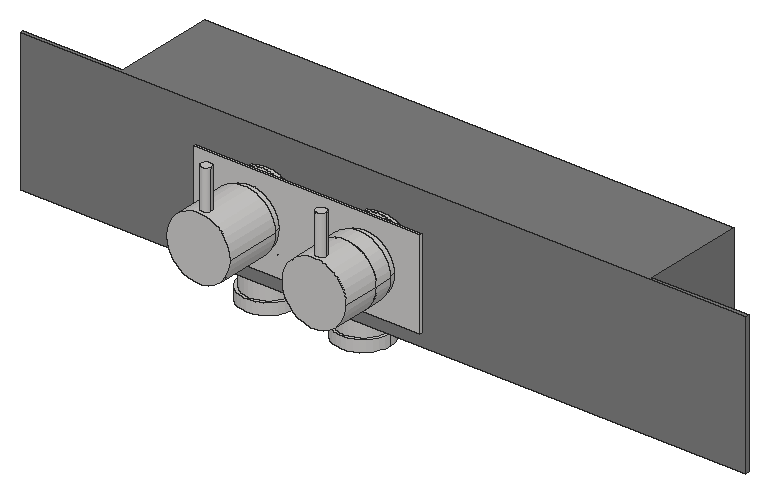
Revit family "5202", category Plumbing Fixtures, Revit 2021
Family settings
  Round Connector Dimension = Use Diameter
  Part Type = Normal
  Work Plane-Based = No
  Always vertical = Yes
  Cut with Voids When Loaded = No
  Shared = No
  Room Calculation Point = No
Parameters
  e-mail = "info@vola.com"
  URL = "http://vola.com"
  Telephone = "+45 7023 5500"
  Quality management standard = "ISO 9001"
  Organisation no. / DUNS no. = "17531328"
  Occupational health and safety management standard = "ISO 18001"
  Mounting Instructions = "http://vola.com/service/producturl.ashx?name=5202"
  Model = "5202"
  Mixer Offset [instance] = 12.00 mm
  Mixer = yes
  Materials and components information = "http://vola.com/service/producturl.ashx?name=5202"
  Manufacturer = "VOLA A/S"
  Maintenance Instructions = "http://vola.com/service/producturl.ashx?name=5202"
  Guarantee = "2 years"
  Flow = "45,00 l/min"
  Environmental management standard = "ISO 14000"
  Default Elevation = 0.00 mm
  Connection - All relevant connections = "¾\" for water connection"
  Approvals = "http://vola.com/service/producturl.ashx?name=5202"
Reference planes
  plane 1 "Center (Front/Back)": y = 0
  plane 2: z = 0
  plane 3 "Center (Left/Right)": x = 0
  plane 4 "Mixer plane": y = 12
  plane 5 "Wall Surface": y = 0
Forms (mm)
  Extrusion 1, solid, material "Stainless Steel", visible <- "Mixer"
    sketch origin (14.11, 9.5, 0) x (0, 0, -1) y (1, 0, 0)
      loop
        circle (0, 24.89) r 24.89
    from 0 to 9.5
  Extrusion 2, solid, material "Stainless Steel", visible <- "Mixer"
    sketch origin (-63.89, 9.5, 0) x (0, 0, -1) y (1, 0, 0)
      loop
        circle (0, 24.89) r 24.89
    from 0 to 9.5
Dimensions and locks
  "Mixer Offset": plane 4 "Mixer plane" to plane 1 "Center (Front/Back)"
  aligned and locked: plane 2 to level
  aligned and locked: nested 3 to plane 4 "Mixer plane"
  aligned and locked: plane 1 "Center (Front/Back)" to Extrusion 1
  aligned and locked: plane 1 "Center (Front/Back)" to Extrusion 2
Automatic sketch dimensions
  radius of Extrusion 1 sketch curve to nested 3 = 0.00 mm
  radius of Extrusion 2 sketch curve to nested 3 = 0.00 mm
Nested families
  nested 1: "NR52" at (39, -2, 0), type "NR52"
  nested 2: "NR51" at (-39, -2, 0), type "NR51"
  nested 3: "5200V" at (0, 83.5, -85), visible <- "Mixer", type "5200V"
  nested 4: "5002" at (0, 0, 0) x (1, 0, 0) z (0, -1, 0), type "5002"
Connectors
  piping at (-7, 54.5, -85), diameter 37
    settings: on nested 3, index 1, connector inside diameter 1.45669", connector length 0.00 mm, flow factor 0, pipe flow 0 GPM, pressure drop 0.00 psi, fitting loss kfactor 0, connector angle 0.00°, fixture units 0, engagement length 0.00 mm, angle of deflection 0.00°, flow configuration 0, flow direction 1, fitting loss method 0, system type 20, joint type 0, gender type 0, connector reference index -1, connector utility 0, adjustable connector no, is connector primary yes, connector description ""
  piping at (-71, 54.5, -85), diameter 37
    settings: on nested 3, index 2, connector inside diameter 1.45669", connector length 0.00 mm, flow factor 0, pipe flow 0 GPM, pressure drop 0.00 psi, fitting loss kfactor 0, connector angle 0.00°, fixture units 0, engagement length 0.00 mm, angle of deflection 0.00°, flow configuration 0, flow direction 1, fitting loss method 0, system type 19, joint type 0, gender type 0, connector reference index -1, connector utility 0, adjustable connector no, is connector primary no, connector description ""
Definition of nested family "NR52"
  Parameters
    e-mail = "info@vola.com"
    URL = "http://vola.com"
    Telephone = "+45 7023 5500"
    Quality management standard = "ISO 9001"
    Organisation no. / DUNS no. = "17531328"
    Occupational health and safety management standard = "ISO 18001"
    Mounting Instructions = "http://vola.com/service/producturl.ashx?name=NR52"
    Model = "NR52"
    Materials and components information = "http://vola.com/service/producturl.ashx?name=NR52"
    Manufacturer = "VOLA A/S"
    Maintenance Instructions = "http://vola.com/service/producturl.ashx?name=NR52"
    Guarantee = "2 years"
    Environmental management standard = "ISO 14000"
    Default Elevation = 0.00 mm
    Connection - All relevant connections = ""
    Approvals = "http://vola.com/service/producturl.ashx?name=NR52"
  Reference planes
    plane 1 "Center (Front/Back)": y = 0
    plane 2: z = 0
    plane 3 "Center (Left/Right)": x = 0
  Forms (mm)
    Extrusion 1, solid
      sketch origin (0, 0, 0) x (1, 0, 0) y (0, 0, 1)
        loop
          circle (0, 0) r 20
      from 0 to 5
    Extrusion 2, solid
      sketch origin (0, 0, 0) x (1, 0, 0) y (0, 0, 1)
        loop
          circle (0, 0) r 21.5
      from 17 to 42.5
    Extrusion 3, solid
      sketch origin (0, -2, 0) x (0, -1, 0) y (1, 0, 0)
        loop
          circle (34.5, 0) r 3.5
      from 0 to 47.5
    Extrusion 4, solid
      sketch origin (0, 10.75, -47.4) x (0, -1, 0) y (1, 0, 0)
        loop
          circle (34.5, 0) r 3.5
      from 22.5 to 47.4
    Extrusion 5, solid
      sketch origin (0, 11.93, 0) x (1, 0, 0) y (0, 0, 1)
        loop
          circle (0, 0) r 21.5
      from 16.93 to 28.93
  Cuts and joins
    joined: Extrusion 2, Extrusion 3, Extrusion 4
  Dimensions and locks
    aligned and locked: plane 2 to level
    aligned and locked: Extrusion 2 to Extrusion 5
    aligned and locked: Extrusion 1 to Extrusion 5
Definition of nested family "NR51"
  Parameters
    e-mail = "info@vola.com"
    URL = "http://vola.com"
    Telephone = "+45 7023 5500"
    Quality management standard = "ISO 9001"
    Organisation no. / DUNS no. = "17531328"
    Occupational health and safety management standard = "ISO 18001"
    Mounting Instructions = "http://vola.com/service/producturl.ashx?name=NR51"
    Model = "NR51"
    Materials and components information = "http://vola.com/service/producturl.ashx?name=NR51"
    Manufacturer = "VOLA A/S"
    Maintenance Instructions = "http://vola.com/service/producturl.ashx?name=NR51"
    Guarantee = "2 years"
    Environmental management standard = "ISO 14000"
    Default Elevation = 0.00 mm
    Connection - All relevant connections = ""
    Approvals = "http://vola.com/service/producturl.ashx?name=NR51"
  Reference planes
    plane 1 "Center (Front/Back)": y = 0
    plane 2: z = 0
    plane 3 "Center (Left/Right)": x = 0
  Forms (mm)
    Extrusion 1, solid
      sketch origin (0, 0, 0) x (1, 0, 0) y (0, 0, 1)
        loop
          circle (0, 0) r 21.5
      from 5 to 42.5
    Extrusion 2, solid
      sketch origin (0, -2, 0) x (0, -1, 0) y (1, 0, 0)
        loop
          circle (34.5, 0) r 3.5
      from 0 to 47.5
    Extrusion 3, solid
      sketch origin (0, 0, 0) x (1, 0, 0) y (0, 0, 1)
        loop
          circle (0, 0) r 20
      from 0 to 5
  Cuts and joins
    joined: Extrusion 1, Extrusion 2
  Dimensions and locks
    aligned and locked: plane 2 to level
Definition of nested family "5200V"
  Parameters
    e-mail = "info@vola.com"
    URL = "http://vola.com"
    Telephone = "+45 7023 5500"
    Quality management standard = "ISO 9001"
    Organisation no. / DUNS no. = "17531328"
    Occupational health and safety management standard = "ISO 18001"
    Mounting Instructions = "http://vola.com/service/producturl.ashx?name=5200V"
    Model = "5200V"
    Materials and components information = "http://vola.com/service/producturl.ashx?name=5200V"
    Manufacturer = "VOLA A/S"
    Maintenance Instructions = "http://vola.com/service/producturl.ashx?name=5200V"
    Guarantee = "2 years"
    Flow = "45,00 l/min"
    Environmental management standard = "ISO 14000"
    Default Elevation = 0.00 mm
    Connection - All relevant connections = ""
    Approvals = "http://vola.com/service/producturl.ashx?name=5200V"
  Reference planes
    plane 1 "Center (Front/Back)": y = 0
    plane 2: z = 0
    plane 3 "Center (Left/Right)": x = 0
    plane 4 "Inlet Center Plane": y = -29
    plane 5: z = 85
  Forms (mm)
    Extrusion 1, solid
      sketch origin (10, 0, 16) x (1, 0, 0) y (0, 1, 0)
        loop
          line (-147.5, 0) -> (-147.5, -69) -> (210.5, -69) -> (210.5, 0) -> (-147.5, 0)
      from 21.5 to 116.5
    Extrusion 2, solid
      sketch origin (10, -1, 16) x (1, 0, 0) y (0, 1, 0)
        loop
          line (-215, -68) -> (-215, -70.5) -> (275.5, -70.5) -> (275.5, -68) -> (-215, -68)
      from 21.5 to 116.5
    Extrusion 3, solid
      sketch origin (-59, -4, 37.5) x (0, 1, 0) y (1, 0, 0)
        loop
          circle (-25, -12) r 16.5
      from 0 to 29.77
    Extrusion 4, solid
      sketch origin (5, -4, 37.5) x (0, 1, 0) y (1, 0, 0)
        loop
          circle (-25, -12) r 16.5
      from 0 to 29.77
    Extrusion 5, solid
      sketch origin (-51.5, -71.5, 16) x (-1, 0, 0) y (0, 0, -1)
        loop
          circle (-12.5, -69) r 24.89
      from 0 to 2.5
    Extrusion 6, solid
      sketch origin (26.5, -71.5, 16) x (-1, 0, 0) y (0, 0, -1)
        loop
          circle (-12.5, -69) r 24.89
      from 0 to 2.5
    Extrusion 7, solid
      sketch origin (-59, -4, 7.73) x (-1, 0, 0) y (0, 1, 0)
        loop
          circle (12, -25) r 18.5
      from 0 to 7.73
    Extrusion 8, solid
      sketch origin (5, -4, 7.73) x (-1, 0, 0) y (0, 1, 0)
        loop
          circle (12, -25) r 18.5
      from 0 to 7.73
  Cuts and joins
    joined: Extrusion 1, Extrusion 2
  Lines and regions (mm)
    reference lines
      curve 1: line (39, -29, 85) -> (39, -121.5, 85)
      curve 2: line (-39, -29, 85) -> (-39, -121.5, 85)
      curve 3: line (-71, -29, 85) -> (-71, -29, -14)
      curve 4: line (-7, -29, 85) -> (-7, -29, -14)
  Dimensions and locks
    aligned and locked: plane 2 to level
    aligned and locked: Extrusion 1 to Extrusion 2
    aligned and locked: Extrusion 2 to Extrusion 1
Definition of nested family "5002"
  Parameters
    e-mail = "info@vola.com"
    URL = "http://vola.com"
    Telephone = "+45 7023 5500"
    Quality management standard = "ISO 9001"
    Organisation no. / DUNS no. = "17531328"
    Occupational health and safety management standard = "ISO 18001"
    Mounting Instructions = "http://vola.com/service/producturl.ashx?name=5002"
    Model = "5002"
    Materials and components information = "http://vola.com/service/producturl.ashx?name=5002"
    Manufacturer = "VOLA A/S"
    Maintenance Instructions = "http://vola.com/service/producturl.ashx?name=5002"
    Guarantee = "2 years"
    Environmental management standard = "ISO 14000"
    Default Elevation = 1219.20 mm
    Connection - All relevant connections = ""
    Approvals = "http://vola.com/service/producturl.ashx?name=5002"
  Reference planes
    plane 1 "Center (Front/Back)": y = 0
    plane 2: z = 0
    plane 3 "Center (Left/Right)": x = 0
  Forms (mm)
    Extrusion 1, solid
      sketch origin (0, 0, 0) x (1, 0, 0) y (0, 1, 0)
        loop
          line (-76.5, 30) -> (-76.5, -30) -> (76.5, -30) -> (76.5, 30) -> (-76.5, 30)
        loop
          circle (39.936, 0) r 19.5
        loop
          circle (-38.064, 0) r 19.5
      from 0 to 2
  Dimensions and locks
    aligned and locked: plane 2 to level
